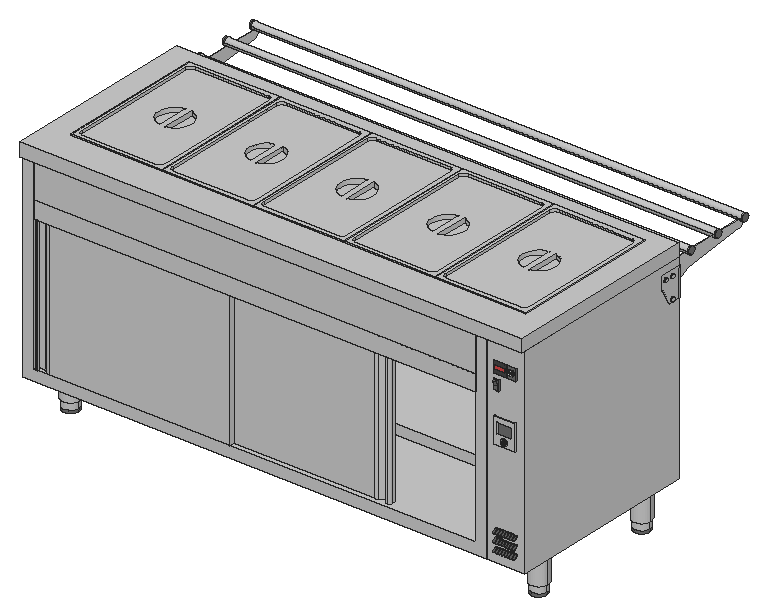
Revit family "QF_INOMAK_MHV718_250605091903", category Specialty Equipment, Revit 2021
Family settings
  Round Connector Dimension = Use Diameter
  Part Type = Normal
  OmniClass Number = 23.40.40.14
  OmniClass Title = Food Service Equipment
  Work Plane-Based = No
  Always vertical = Yes
  Cut with Voids When Loaded = No
  Shared = No
  Room Calculation Point = No
Parameters (values of type "MHV718")
  Weight [instance] = 77.00 kg
  Waste Water Discharge Temperature [instance] = 0 °C
  Waste Remarks [instance] = ""
  Warranty Start Date [instance] = ""
  Warranty Duration [instance] = ""
  Volts [instance] = 400 V
  Volt Free Conn [instance] = no
  URL Recommended Spares List [instance] = ""
  URL Manufacturer [instance] = ""
  URL Cutsheet [instance] = ""
  URL Critical Spares List [instance] = ""
  URL = "www.inomak.com"
  Technical Documentation [instance] = ""
  Tag Number [instance] = ""
  Status [instance] = ""
  Start Up Current [instance] = 0 A
  Specification by User [instance] = ""
  Specification by Manufacturer [instance] = ""
  Sound Level [instance] = ""
  Show Logo [instance] = yes
  Show Clearances [instance] = yes
  Service Life Duration [instance] = ""
  Serial Number [instance] = ""
  Seismic Rating [instance] = ""
  SMACNA No [instance] = ""
  Revision Code [instance] = ""
  Revision [instance] = ""
  Production Year [instance] = ""
  Potential Equalisation [instance] = no
  Point Load [instance] = 0
  Plumbing Remarks [instance] = ""
  Plumbing Connection Type [instance] = ""
  Phase [instance] = 3
  Other Equipment Approvals [instance] = ""
  Operational Current [instance] = 0 A
  Odor Trap Included [instance] = no
  Number of Poles [instance] = 3
  No Load Power Draw [instance] = no
  National Water Regulation Certification [instance] = no
  NAFEM Spec ID Number [instance] = ""
  Model Warning [instance] = ""
  Model = "MHV718"
  Min Ckt Ampacity [instance] = 0 A
  Max Overcurrent Protection [instance] = 25 A
  Masterspec [instance] = ""
  Manufacturer = "INOMAK"
  Main switch integrated [instance] = no
  Length Actual [instance] = 1792 mm
  Item Number [instance] = ""
  Installed By [instance] = ""
  Installation Date [instance] = ""
  Indirect Waste Size [instance] = 25.4 mm
  Indirect Waste Remarks [instance] = ""
  Indirect Waste Flow [instance] = 0.0 L/s
  Indirect Waste Connection Type [instance] = ""
  Indirect Waste Connection Height [instance] = 0 mm
  Identify Quantity as Lot [instance] = no
  ID [instance] = ""
  Hygiene Approval [instance] = ""
  Height Actual [instance] = 900 mm
  HP power [instance] = ""
  Furnished By [instance] = ""
  Foodservice Equipment Identifier [instance] = no
  FL Amps [instance] = 19.4 A
  Electrical Remarks [instance] = ""
  Electric power [instance] = 4440 W
  Electric Connection Type [instance] = ""
  Elec Conn RI Height [instance] = 0 mm
  Elec Conn Connection Height [instance] = 0 mm
  ETL Approved [instance] = no
  Direct Waste Water Discharge Temperature [instance] = -273.15 °C
  Direct Waste Size [instance] = 25.4 mm
  Direct Waste RI Height [instance] = 0 mm
  Direct Waste Flow [instance] = 0.0 L/s
  Direct Waste Connection Height [instance] = 0 mm
  Description = "BAIN MARIE ON HEATED CUPBOARD WITH 4 GN PANS CAPACITY"
  Depth Actual [instance] = 700 mm
  Default Elevation = 0 mm
  Cycle [instance] = 50 Hz
  Cost = 0
  Connection to energy optimisation system [instance] = yes
  Conn Plug [instance] = ""
  Conn Conduit [instance] = no
  Cold Water Temperature Recommended [instance] = 0 °C
  Cold Water Size [instance] = 12.7 mm
  Cold Water Remarks [instance] = ""
  Cold Water RI Height [instance] = 0 mm
  Cold Water Quality [instance] = ""
  Cold Water Minimum Pressure [instance] = 200000.0 Pa
  Cold Water Maximum Pressure [instance] = 600000.0 Pa
  Cold Water Flow [instance] = 0.0 L/s
  Cold Water Connection Type [instance] = ""
  Cold Water Connection Height [instance] = 0 mm
  Centralized building control system with digital interface [instance] = ""
  CSI MasterFormat [instance] = ""
  CE Approved [instance] = no
  Barcode [instance] = 0
  Author [instance] = ""
  Asset Identifier [instance] = ""
  Apparent Power [instance] = 4440 VA
  Accessory [instance] = no
Reference planes
  plane 1 "Center (Front/Back)": y = 0
  plane 2: z = 0
  plane 3 "Center (Left/Right)": x = 0
Forms (mm)
  Extrusion 1, solid, not visible
    sketch origin (110.005, -510.025, 142.007) x (1, 0, 0) y (0, 1, 0)
      loop
        line (-2, 2) -> (-2, -2) -> (2, -2) -> (2, 2) -> (-2, 2)
    from -2 to 2
  Extrusion 2, solid, not visible
    sketch origin (110.005, -410.02, 142.007) x (1, 0, 0) y (0, 1, 0)
      loop
        line (-2, 2) -> (-2, -2) -> (2, -2) -> (2, 2) -> (-2, 2)
    from -2 to 2
  Extrusion 3, solid, not visible
    sketch origin (1745.085, -635.031, 142.007) x (1, 0, 0) y (0, 1, 0)
      loop
        line (-2, 2) -> (-2, -2) -> (2, -2) -> (2, 2) -> (-2, 2)
    from -2 to 2
Dimensions and locks
  locked: nested 2 to Extrusion 1 at 2  (x2)
  locked: nested 3 to Extrusion 2 at 2  (x2)
  locked: nested 4 to Extrusion 3 at 2  (x2)
  aligned and locked: level to plane 2
Nested families
  nested 1: "QF_INOMAK_CUPBOARD_BAIN_MARIES_1795_2920" at (0, 0, 140), type "MHV718"
    with Weight 77.00 kg, Warranty Start Date "", Warranty Duration "", URL Cutsheet "", Technical Documentation "", Tag Number "", Status "", Specification by User "", Specification by Manufacturer "", Sound Level "", Solid Fuel Type "", Show Logo yes, Show Clearances yes, Service Life Duration "", Serial Number "", Seismic Rating "", SMACNA No "", Revision Code "", Revision "", Production Year "", Point Load 0, Other Equipment Approvals "", NAFEM Spec ID Number "", Model Warning "", Masterspec "", Length Actual 1792 mm, Item Number "", Installed By "", Installation Date "", Identify Quantity as Lot yes, ID "", Hygiene Approval "", Height Actual 900 mm, Furnished By "", Foodservice Equipment Identifier yes, ETL Approved yes, Depth Actual 700 mm, CSI MasterFormat "", CE Approved yes, Barcode "", Author "", Asset Identifier "", Accessory no
  nested 2: "CONN_POINT_COLDWATER_2D___Generic_Annotation" at (110.005, -510.025, 140.007), type "CONN_POINT_COLDWATER_2D___Generic_Annotation"
    with Onboard connection annotation symbol visibility yes
  nested 3: "CONN_POINT_DRAIN_2D___Generic_Annotation" at (110.005, -410.02, 140.007), type "CONN_POINT_DRAIN_2D___Generic_Annotation"
    with Onboard connection annotation symbol visibility yes
  nested 4: "CONN_POINT_ELE_2D___Generic_Annotation" at (1745.085, -635.031, 140.007), type "CONN_POINT_ELE_2D___Generic_Annotation"
    with Onboard connection annotation symbol visibility yes
  nested 5: "QF_INOMAK_LEGS_5089" at (0, 0, 0), type "LG-1795-700"
    with Weight 0.00 kg, Warranty Start Date "", Warranty Duration "", URL Cutsheet "", Technical Documentation "", Tag Number "", Status "", Specification by User "", Specification by Manufacturer "", Sound Level "", Solid Fuel Type "", Show Logo yes, Show Clearances yes, Service Life Duration "", Serial Number "", Seismic Rating "", SMACNA No "", Revision Code "", Revision "", Production Year "", Point Load 0, Other Equipment Approvals "", NAFEM Spec ID Number "", Model Warning "", Masterspec "", Length Actual 1792 mm, Item Number "", Installed By "", Installation Date "", Identify Quantity as Lot yes, ID "", Hygiene Approval "", Height Actual 140 mm, Furnished By "", Foodservice Equipment Identifier yes, ETL Approved yes, Depth Actual 700 mm, CSI MasterFormat "", CE Approved yes, Barcode "", Author "", Asset Identifier "", Accessory yes
  nested 6: "QF_INOMAK_CUPBOARD_RAILS_6838" at (0, 0, 140), type "RAS178"
    with Weight 0.00 kg, Warranty Start Date "", Warranty Duration "", URL Cutsheet "", Technical Documentation "", Tag Number "", Status "", Specification by User "", Specification by Manufacturer "", Sound Level "", Solid Fuel Type "", Show Logo yes, Show Clearances yes, Service Life Duration "", Serial Number "", Seismic Rating "", SMACNA No "", Revision Code "", Revision "", Production Year "", Point Load 0, Other Equipment Approvals "", NAFEM Spec ID Number "", Model Warning "", Masterspec "", Length Actual 1762 mm, Length 1792 mm, Item Number "", Installed By "", Installation Date "", Identify Quantity as Lot yes, ID "", Hygiene Approval "", Height Actual 175 mm, Furnished By "", Foodservice Equipment Identifier yes, ETL Approved yes, Depth Actual 335 mm, CSI MasterFormat "", CE Approved yes, Barcode "", Author "", Asset Identifier "", Accessory yes
Connectors
  piping at (110.005, -510.025, 140.007), diameter 12.7, driven by "Cold Water Size", driven by "Cold Water Flow"
    settings: on Extrusion 1, index 1, connector inside diameter 609.6 mm, connector length 0 mm, flow factor 0, pipe flow 0.0 L/s, pressure drop 0.0 Pa, fitting loss kfactor 0, connector angle 0.00°, fixture units 0, engagement length 0 mm, angle of deflection 0.00°, flow configuration 1, flow direction 1, fitting loss method 0, system type 20, joint type 0, gender type 0, connector reference index -1, connector utility 0, adjustable connector no, is connector primary yes, connector description "Cold Water connection for MHV718"
  piping at (110.005, -410.02, 140.007), diameter 25.4, driven by "Indirect Waste Size", driven by "Direct Waste Flow"
    settings: on Extrusion 2, index 2, connector inside diameter 609.6 mm, connector length 0 mm, flow factor 0, pipe flow 0.0 L/s, pressure drop 0.0 Pa, fitting loss kfactor 0, connector angle 0.00°, fixture units 0, engagement length 0 mm, angle of deflection 0.00°, flow configuration 1, flow direction 2, fitting loss method 0, system type 16, joint type 0, gender type 0, connector reference index -1, connector utility 0, adjustable connector no, is connector primary no, connector description "Waste connection for MHV718"
  electrical at (1745.085, -635.031, 140.007), driven by "Apparent Power", driven by "Number of Poles", driven by "Volts"
    settings: on Extrusion 3, index 3, voltage 400 V, apparent load 0 VA, apparent load phase1 4440 VA, apparent load phase2 0 VA, apparent load phase3 0 VA, power factor 1, load classification "Other", number of poles 3, system type 31, power factor state 1, is connector primary yes, connector utility no, sub classification motor no, connector description "Electrical connection for MHV718"
Definition of nested family "QF_INOMAK_CUPBOARD_BAIN_MARIES_1795_2920"
  Parameters (values of type "MDV718")
    Weight [instance] = 0.00 kg
    Warranty Start Date [instance] = ""
    Warranty Duration [instance] = ""
    URL Cutsheet [instance] = ""
    URL = "www.inomak.com"
    Technical Documentation [instance] = ""
    Tag Number [instance] = ""
    Status [instance] = ""
    Specification by User [instance] = ""
    Specification by Manufacturer [instance] = ""
    Sound Level [instance] = ""
    Solid Fuel Type [instance] = ""
    Show Logo [instance] = yes
    Show Clearances [instance] = yes
    Service Life Duration [instance] = ""
    Serial Number [instance] = ""
    Seismic Rating [instance] = ""
    SMACNA No [instance] = ""
    Revision Code [instance] = ""
    Revision [instance] = ""
    Production Year [instance] = ""
    Point Load [instance] = 0
    Other Equipment Approvals [instance] = ""
    NAFEM Spec ID Number [instance] = ""
    Model Warning [instance] = ""
    Model = "MDV718"
    Masterspec [instance] = ""
    Manufacturer = "INOMAK"
    Length Actual [instance] = 0 mm
    Item Number [instance] = ""
    Installed By [instance] = ""
    Installation Date [instance] = ""
    Identify Quantity as Lot [instance] = yes
    ID [instance] = ""
    Hygiene Approval [instance] = ""
    Height Actual [instance] = 0 mm
    Furnished By [instance] = ""
    Foodservice Equipment Identifier [instance] = yes
    ETL Approved [instance] = yes
    Description = "BAIN MARIE ON CUPBOARD WITH 4 GN PANS CAPACITY"
    Depth Actual [instance] = 0 mm
    Default Elevation = 0 mm
    CSI MasterFormat [instance] = ""
    CE Approved [instance] = yes
    Barcode [instance] = ""
    Author [instance] = ""
    Asset Identifier [instance] = ""
    Assembly Code = "E1090320"
    Accessory [instance] = yes
  Types (10, lengths in mm): name | Model | Description
    MFV718 | "MFV718" | "BAIN MARIE ON CUPBOARD WITH 4 GN PANS CAPACITY AND SHOWCASE"
    MHV718 | "MHV718" | "BAIN MARIE ON HEATED CUPBOARD WITH 4 GN PANS CAPACITY"
    MJV718 | "MJV718" | "BAIN MARIE ON HEATED CUPBOARD WITH 4 GN PANS CAPACITY AND SINGLE SNEEZE GUARD"
    MQV718 | "MQV718" | "BAIN MARIE ON HEATED CUPBOARD WITH 4 GN PANS CAPACITY AND DOUBLE SNEEZE GUARD"
    MISQ718 | "MISQ718" | "BAIN MARIE ON HEATED CUPBOARD WITH 4 GN PANS CAPACITY AND SQUARE SHOWCASE"
    MDV718 | "MDV718" | "BAIN MARIE ON CUPBOARD WITH 4 GN PANS CAPACITY"
    MVV718 | "MVV718" | "BAIN MARIE ON CUPBOARD WITH 4 GN PANS CAPACITY AND SINGLE SNEEZE GUARD"
    MRV718 | "MRV718" | "BAIN MARIE ON CUPBOARD WITH 4 GN PANS CAPACITY AND DOUBLE SNEEZE GUARD"
    MFSQ718 | "MFSQ718" | "BAIN MARIE ON CUPBOARD WITH 4 GN PANS CAPACITY AND SQUARE SHOWCASE"
    MIV718 | "MIV718" | "BAIN MARIE ON HEATED CUPBOARD WITH 4 GN PANS CAPACITY AND SHOWCASE"
  Reference planes
    plane 1 "Back": y = 0
    plane 2: z = 0
    plane 3 "Left": x = 0
    plane 4 "Right": x = 1792
    plane 5 "Front": y = -700
    plane 6 "Top": z = 756
  Forms (mm)
    Extrusion 1, solid
      sketch origin (1168.283, -707, -123.631) x (-1, 0, 0) y (0, 0, 1)
        loop
          arc (-522.253, 235.165) -> (-526.351, 236.263) -> (-527.449, 232.165) r 3
          line (-527.449, 232.165) -> (-518.449, 216.577)
          arc (-518.449, 216.577) -> (-514.351, 215.479) -> (-513.253, 219.577) r 3
          line (-513.253, 219.577) -> (-522.253, 235.165)
        loop
          arc (-532.253, 235.165) -> (-536.351, 236.263) -> (-537.449, 232.165) r 3
          line (-537.449, 232.165) -> (-528.449, 216.577)
          arc (-528.449, 216.577) -> (-524.351, 215.479) -> (-523.253, 219.577) r 3
          line (-523.253, 219.577) -> (-532.253, 235.165)
        loop
          arc (-542.253, 235.165) -> (-546.351, 236.263) -> (-547.449, 232.165) r 3
          line (-547.449, 232.165) -> (-538.449, 216.577)
          arc (-538.449, 216.577) -> (-534.351, 215.479) -> (-533.253, 219.577) r 3
          line (-533.253, 219.577) -> (-542.253, 235.165)
        loop
          arc (-552.253, 235.165) -> (-556.351, 236.263) -> (-557.449, 232.165) r 3
          line (-557.449, 232.165) -> (-548.449, 216.577)
          arc (-548.449, 216.577) -> (-544.351, 215.479) -> (-543.253, 219.577) r 3
          line (-543.253, 219.577) -> (-552.253, 235.165)
        loop
          arc (-562.253, 235.165) -> (-566.351, 236.263) -> (-567.449, 232.165) r 3
          line (-567.449, 232.165) -> (-558.449, 216.577)
          arc (-558.449, 216.577) -> (-554.351, 215.479) -> (-553.253, 219.577) r 3
          line (-553.253, 219.577) -> (-562.253, 235.165)
        loop
          arc (-572.253, 235.165) -> (-576.351, 236.263) -> (-577.449, 232.165) r 3
          line (-577.449, 232.165) -> (-568.449, 216.577)
          arc (-568.449, 216.577) -> (-564.351, 215.479) -> (-563.253, 219.577) r 3
          line (-563.253, 219.577) -> (-572.253, 235.165)
        loop
          arc (-582.253, 235.165) -> (-586.351, 236.263) -> (-587.449, 232.165) r 3
          line (-587.449, 232.165) -> (-578.449, 216.577)
          arc (-578.449, 216.577) -> (-574.351, 215.479) -> (-573.253, 219.577) r 3
          line (-573.253, 219.577) -> (-582.253, 235.165)
        loop
          arc (-592.253, 235.165) -> (-596.351, 236.263) -> (-597.449, 232.165) r 3
          line (-597.449, 232.165) -> (-588.449, 216.577)
          arc (-588.449, 216.577) -> (-584.351, 215.479) -> (-583.253, 219.577) r 3
          line (-583.253, 219.577) -> (-592.253, 235.165)
        loop
          arc (-522.253, 205.165) -> (-526.351, 206.263) -> (-527.449, 202.165) r 3
          line (-527.449, 202.165) -> (-518.449, 186.577)
          arc (-518.449, 186.577) -> (-514.351, 185.479) -> (-513.253, 189.577) r 3
          line (-513.253, 189.577) -> (-522.253, 205.165)
        loop
          arc (-532.253, 205.165) -> (-536.351, 206.263) -> (-537.449, 202.165) r 3
          line (-537.449, 202.165) -> (-528.449, 186.577)
          arc (-528.449, 186.577) -> (-524.351, 185.479) -> (-523.253, 189.577) r 3
          line (-523.253, 189.577) -> (-532.253, 205.165)
        loop
          arc (-542.253, 205.165) -> (-546.351, 206.263) -> (-547.449, 202.165) r 3
          line (-547.449, 202.165) -> (-538.449, 186.577)
          arc (-538.449, 186.577) -> (-534.351, 185.479) -> (-533.253, 189.577) r 3
          line (-533.253, 189.577) -> (-542.253, 205.165)
        loop
          arc (-552.253, 205.165) -> (-556.351, 206.263) -> (-557.449, 202.165) r 3
          line (-557.449, 202.165) -> (-548.449, 186.577)
          arc (-548.449, 186.577) -> (-544.351, 185.479) -> (-543.253, 189.577) r 3
          line (-543.253, 189.577) -> (-552.253, 205.165)
        loop
          arc (-562.253, 205.165) -> (-566.351, 206.263) -> (-567.449, 202.165) r 3
          line (-567.449, 202.165) -> (-558.449, 186.577)
          arc (-558.449, 186.577) -> (-554.351, 185.479) -> (-553.253, 189.577) r 3
          line (-553.253, 189.577) -> (-562.253, 205.165)
        loop
          arc (-572.253, 205.165) -> (-576.351, 206.263) -> (-577.449, 202.165) r 3
          line (-577.449, 202.165) -> (-568.449, 186.577)
          arc (-568.449, 186.577) -> (-564.351, 185.479) -> (-563.253, 189.577) r 3
          line (-563.253, 189.577) -> (-572.253, 205.165)
        loop
          arc (-582.253, 205.165) -> (-586.351, 206.263) -> (-587.449, 202.165) r 3
          line (-587.449, 202.165) -> (-578.449, 186.577)
          arc (-578.449, 186.577) -> (-574.351, 185.479) -> (-573.253, 189.577) r 3
          line (-573.253, 189.577) -> (-582.253, 205.165)
        loop
          arc (-592.253, 205.165) -> (-596.351, 206.263) -> (-597.449, 202.165) r 3
          line (-597.449, 202.165) -> (-588.449, 186.577)
          arc (-588.449, 186.577) -> (-584.351, 185.479) -> (-583.253, 189.577) r 3
          line (-583.253, 189.577) -> (-592.253, 205.165)
        loop
          arc (-522.253, 175.165) -> (-526.351, 176.263) -> (-527.449, 172.165) r 3
          line (-527.449, 172.165) -> (-518.449, 156.577)
          arc (-518.449, 156.577) -> (-514.351, 155.479) -> (-513.253, 159.577) r 3
          line (-513.253, 159.577) -> (-522.253, 175.165)
        loop
          arc (-532.253, 175.165) -> (-536.351, 176.263) -> (-537.449, 172.165) r 3
          line (-537.449, 172.165) -> (-528.449, 156.577)
          arc (-528.449, 156.577) -> (-524.351, 155.479) -> (-523.253, 159.577) r 3
          line (-523.253, 159.577) -> (-532.253, 175.165)
        loop
          arc (-542.253, 175.165) -> (-546.351, 176.263) -> (-547.449, 172.165) r 3
          line (-547.449, 172.165) -> (-538.449, 156.577)
          arc (-538.449, 156.577) -> (-534.351, 155.479) -> (-533.253, 159.577) r 3
          line (-533.253, 159.577) -> (-542.253, 175.165)
        loop
          arc (-552.253, 175.165) -> (-556.351, 176.263) -> (-557.449, 172.165) r 3
          line (-557.449, 172.165) -> (-548.449, 156.577)
          arc (-548.449, 156.577) -> (-544.351, 155.479) -> (-543.253, 159.577) r 3
          line (-543.253, 159.577) -> (-552.253, 175.165)
        loop
          arc (-562.253, 175.165) -> (-566.351, 176.263) -> (-567.449, 172.165) r 3
          line (-567.449, 172.165) -> (-558.449, 156.577)
          arc (-558.449, 156.577) -> (-554.351, 155.479) -> (-553.253, 159.577) r 3
          line (-553.253, 159.577) -> (-562.253, 175.165)
        loop
          arc (-572.253, 175.165) -> (-576.351, 176.263) -> (-577.449, 172.165) r 3
          line (-577.449, 172.165) -> (-568.449, 156.577)
          arc (-568.449, 156.577) -> (-564.351, 155.479) -> (-563.253, 159.577) r 3
          line (-563.253, 159.577) -> (-572.253, 175.165)
        loop
          arc (-582.253, 175.165) -> (-586.351, 176.263) -> (-587.449, 172.165) r 3
          line (-587.449, 172.165) -> (-578.449, 156.577)
          arc (-578.449, 156.577) -> (-574.351, 155.479) -> (-573.253, 159.577) r 3
          line (-573.253, 159.577) -> (-582.253, 175.165)
        loop
          arc (-592.253, 175.165) -> (-596.351, 176.263) -> (-597.449, 172.165) r 3
          line (-597.449, 172.165) -> (-588.449, 156.577)
          arc (-588.449, 156.577) -> (-584.351, 155.479) -> (-583.253, 159.577) r 3
          line (-583.253, 159.577) -> (-592.253, 175.165)
      from 16.5 to 18.5
    Extrusion 2, solid
      sketch origin (1476.266, -692, 538.514) x (-1, 0, 0) y (0, 0, 1)
        loop
          line (-208.234, 108.408) -> (-253.234, 108.408) -> (-253.234, 68.408) -> (-208.234, 68.408) -> (-208.234, 108.408)
      from 0 to 2
    Extrusion 3, solid
      sketch origin (754.5, -693, 539.422) x (-1, 0, 0) y (0, 0, 1)
        loop
          line (-950, 15) -> (-930, 15) -> (-930, 50) -> (-950, 50) -> (-950, 15)
      from 0 to 3
    Extrusion 4, solid
      sketch origin (782.5, -568, 539.422) x (0, 1, 0) y (0, 0, 1)
        loop
          line (-125, 18) -> (-125, 47)
          arc (-125, 47) -> (-127.961, 46.812) -> (-130.754, 45.81) r 10.576
          line (-130.754, 45.81) -> (-128, 32.5) -> (-128, 18) -> (-125, 18)
      from 905 to 919
    Extrusion 5, solid
      sketch origin (1521.266, -692, 538.514) x (-1, 0, 0) y (0, 0, 1)
        loop
          line (-208.234, 108.408) -> (-243.234, 108.408) -> (-243.234, 68.408) -> (-208.234, 68.408) -> (-208.234, 108.408)
      from 0 to 2
    Extrusion 6, solid
      sketch origin (1476.266, -692.5, 538.514) x (-1, 0, 0) y (0, 0, 1)
        loop
          line (-213.234, 94.908) -> (-248.234, 94.908) -> (-248.234, 81.908) -> (-213.234, 81.908) -> (-213.234, 94.908)
      from 0 to 2.5
    Extrusion 7, solid
      sketch origin (1476.266, -692.5, 538.514) x (-1, 0, 0) y (0, 0, 1)
        loop
          line (-271.558, 91.171) -> (-275.802, 98.522) -> (-280.047, 91.171) -> (-271.558, 91.171)
        loop
          line (-271.558, 85.645) -> (-280.047, 85.645) -> (-275.802, 78.294) -> (-271.558, 85.645)
        loop
          line (-257.397, 85.645) -> (-267.397, 85.645) -> (-267.397, 78.294) -> (-257.397, 78.294) -> (-257.397, 85.645)
        loop
          line (-265.397, 98.522) -> (-267.397, 98.522) -> (-267.397, 92.322) -> (-259.549, 92.322) -> (-259.549, 91.171) -> (-257.397, 93.322) -> (-259.549, 95.474) -> (-259.549, 94.322) -> (-265.397, 94.322) -> (-265.397, 98.522)
      from 0 to 2.5
    Extrusion 8, solid
      sketch origin (28.5, 0, 488) x (1, 0, 0) y (0, 1, 0)
        loop
          line (55, -50) -> (55, -580) -> (380, -580) -> (380, -50) -> (55, -50)
        loop
          arc (87.5, -65) -> (73.358, -70.858) -> (67.5, -85) r 20
          line (67.5, -85) -> (67.5, -545.415)
          arc (67.5, -545.415) -> (73.358, -559.557) -> (87.5, -565.415) r 20
          line (87.5, -565.415) -> (347.5, -565.415)
          arc (347.5, -565.415) -> (361.642, -559.557) -> (367.5, -545.415) r 20
          line (367.5, -545.415) -> (367.5, -85)
          arc (367.5, -85) -> (361.642, -70.858) -> (347.5, -65) r 20
          line (347.5, -65) -> (87.5, -65)
      from 222 to 270
    Extrusion 9, solid
      sketch origin (28.5, 0, 481) x (1, 0, 0) y (0, 1, 0)
        loop
          arc (67.5, -545.415) -> (73.358, -559.557) -> (87.5, -565.415) r 20
          line (87.5, -565.415) -> (347.5, -565.415)
          arc (347.5, -565.415) -> (361.642, -559.557) -> (367.5, -545.415) r 20
          line (367.5, -545.415) -> (367.5, -85)
          arc (367.5, -85) -> (361.642, -70.858) -> (347.5, -65) r 20
          line (347.5, -65) -> (87.5, -65)
          arc (87.5, -65) -> (73.358, -70.858) -> (67.5, -85) r 20
          line (67.5, -85) -> (67.5, -545.415)
      from 229 to 270
    Extrusion 10, void
      sketch origin (28.5, 0, 496) x (1, 0, 0) y (0, 1, 0)
        loop
          arc (207.5, -256.046) -> (157.5, -315.207) -> (207.5, -374.368) r 60
          line (207.5, -374.368) -> (207.5, -256.046)
        loop
          line (227.5, -256.046) -> (227.5, -374.368)
          arc (227.5, -374.368) -> (277.5, -315.207) -> (227.5, -256.046) r 60
      from 240 to 270
    Extrusion 11, solid
      sketch origin (353.5, 0, 488) x (1, 0, 0) y (0, 1, 0)
        loop
          line (55, -50) -> (55, -580) -> (380, -580) -> (380, -50) -> (55, -50)
        loop
          arc (87.5, -65) -> (73.358, -70.858) -> (67.5, -85) r 20
          line (67.5, -85) -> (67.5, -545.415)
          arc (67.5, -545.415) -> (73.358, -559.557) -> (87.5, -565.415) r 20
          line (87.5, -565.415) -> (347.5, -565.415)
          arc (347.5, -565.415) -> (361.642, -559.557) -> (367.5, -545.415) r 20
          line (367.5, -545.415) -> (367.5, -85)
          arc (367.5, -85) -> (361.642, -70.858) -> (347.5, -65) r 20
          line (347.5, -65) -> (87.5, -65)
      from 222 to 270
    Extrusion 12, solid
      sketch origin (353.5, 0, 481) x (1, 0, 0) y (0, 1, 0)
        loop
          arc (67.5, -545.415) -> (73.358, -559.557) -> (87.5, -565.415) r 20
          line (87.5, -565.415) -> (347.5, -565.415)
          arc (347.5, -565.415) -> (361.642, -559.557) -> (367.5, -545.415) r 20
          line (367.5, -545.415) -> (367.5, -85)
          arc (367.5, -85) -> (361.642, -70.858) -> (347.5, -65) r 20
          line (347.5, -65) -> (87.5, -65)
          arc (87.5, -65) -> (73.358, -70.858) -> (67.5, -85) r 20
          line (67.5, -85) -> (67.5, -545.415)
      from 229 to 270
    Extrusion 13, void
      sketch origin (353.5, 0, 496) x (1, 0, 0) y (0, 1, 0)
        loop
          arc (207.5, -256.046) -> (157.5, -315.207) -> (207.5, -374.368) r 60
          line (207.5, -374.368) -> (207.5, -256.046)
        loop
          line (227.5, -256.046) -> (227.5, -374.368)
          arc (227.5, -374.368) -> (277.5, -315.207) -> (227.5, -256.046) r 60
      from 240 to 270
    Extrusion 14, solid
      sketch origin (1003.5, 0, 488) x (1, 0, 0) y (0, 1, 0)
        loop
          line (55, -50) -> (55, -580) -> (380, -580) -> (380, -50) -> (55, -50)
        loop
          arc (87.5, -65) -> (73.358, -70.858) -> (67.5, -85) r 20
          line (67.5, -85) -> (67.5, -545.415)
          arc (67.5, -545.415) -> (73.358, -559.557) -> (87.5, -565.415) r 20
          line (87.5, -565.415) -> (347.5, -565.415)
          arc (347.5, -565.415) -> (361.642, -559.557) -> (367.5, -545.415) r 20
          line (367.5, -545.415) -> (367.5, -85)
          arc (367.5, -85) -> (361.642, -70.858) -> (347.5, -65) r 20
          line (347.5, -65) -> (87.5, -65)
      from 222 to 270
    Extrusion 15, solid
      sketch origin (1003.5, 0, 481) x (1, 0, 0) y (0, 1, 0)
        loop
          arc (67.5, -545.415) -> (73.358, -559.557) -> (87.5, -565.415) r 20
          line (87.5, -565.415) -> (347.5, -565.415)
          arc (347.5, -565.415) -> (361.642, -559.557) -> (367.5, -545.415) r 20
          line (367.5, -545.415) -> (367.5, -85)
          arc (367.5, -85) -> (361.642, -70.858) -> (347.5, -65) r 20
          line (347.5, -65) -> (87.5, -65)
          arc (87.5, -65) -> (73.358, -70.858) -> (67.5, -85) r 20
          line (67.5, -85) -> (67.5, -545.415)
      from 229 to 270
    Extrusion 16, void
      sketch origin (1003.5, 0, 496) x (1, 0, 0) y (0, 1, 0)
        loop
          arc (207.5, -256.046) -> (157.5, -315.207) -> (207.5, -374.368) r 60
          line (207.5, -374.368) -> (207.5, -256.046)
        loop
          line (227.5, -256.046) -> (227.5, -374.368)
          arc (227.5, -374.368) -> (277.5, -315.207) -> (227.5, -256.046) r 60
      from 240 to 270
    Extrusion 17, solid
      sketch origin (0, 0, 706) x (1, 0, 0) y (0, 1, 0)
        loop
          line (0, 0) -> (0, -700) -> (1792, -700) -> (1792, 0) -> (0, 0)
        loop
          line (83.5, -50) -> (83.5, -580) -> (1708.5, -580) -> (1708.5, -50) -> (83.5, -50)
      from 4 to 50
    Extrusion 18, solid
      sketch origin (0, 0, 0) x (1, 0, 0) y (0, 1, 0)
        loop
          line (0, -690) -> (40, -690) -> (40, -40) -> (1617, -40) -> (1617, -690) -> (1657, -690) -> (1657, 0) -> (0, 0) -> (0, -690)
      from 0 to 710
    Extrusion 19, solid
      sketch origin (687, 0, 0) x (1, 0, 0) y (0, 1, 0)
        loop
          line (970, 0) -> (970, -690) -> (1105, -690) -> (1105, 0) -> (970, 0)
      from 0 to 710
    Extrusion 20, solid
      sketch origin (-130, -690, 0) x (-1, 0, 0) y (0, 1, 0)
        loop
          line (-170, 10) -> (-170, 20) -> (-868.5, 20) -> (-868.5, 0) -> (-226.156, 0)
          arc (-226.156, 0) -> (-220.272, 0.885) -> (-214.91, 3.461) r 20
          line (-214.91, 3.461) -> (-195, 17) -> (-173, 17) -> (-173, 10)
          arc (-173, 10) -> (-175.05, 5.05) -> (-180, 3) r 7
          line (-180, 3) -> (-185.012, 3) -> (-185.012, 0) -> (-180, 0)
          arc (-180, 0) -> (-172.929, 2.929) -> (-170, 10) r 10
      from -40 to -520
    Extrusion 21, solid
      sketch origin (367, -690, 0) x (-1, 0, 0) y (0, 1, 0)
        loop
          arc (-930, 30) -> (-927.071, 22.929) -> (-920, 20) r 10
          line (-920, 20) -> (-914.988, 20) -> (-914.988, 23) -> (-920, 23)
          arc (-920, 23) -> (-924.95, 25.05) -> (-927, 30) r 7
          line (-927, 30) -> (-927, 37) -> (-905, 37) -> (-885.09, 23.461)
          arc (-885.09, 23.461) -> (-879.728, 20.885) -> (-873.844, 20) r 20
          line (-873.844, 20) -> (-231.5, 20) -> (-231.5, 40) -> (-930, 40) -> (-930, 30)
      from -40 to -520
    Extrusion 22, solid
      sketch origin (0, 0, 0) x (1, 0, 0) y (0, 1, 0)
        loop
          line (40, -40) -> (40, -690) -> (1620, -690) -> (1620, -40) -> (40, -40)
      from 0 to 40
    Extrusion 23, solid
      sketch origin (0.5, 0, 672.314) x (1, 0, 0) y (0, 1, 0)
        loop
          line (39.5, -40) -> (39.5, -690) -> (1616.5, -690) -> (1616.5, -40) -> (39.5, -40)
      from -92.314 to 37.686
    Extrusion 24, solid
      sketch origin (-1.5, 0, 610.314) x (1, 0, 0) y (0, 1, 0)
        loop
          line (41.5, -40) -> (41.5, -690) -> (1618.5, -690) -> (1618.5, -40) -> (41.5, -40)
      from -90.314 to -30.314
    Extrusion 25, solid
      sketch origin (-1.5, 0, 252.5) x (1, 0, 0) y (0, 1, 0)
        loop
          line (41.5, -40) -> (41.5, -645) -> (1618.5, -645) -> (1618.5, -40) -> (41.5, -40)
      from 0 to 35
    Extrusion 26, solid
      sketch origin (694.002, -695, 50) x (-1, 0, 0) y (0, 0, 1)
        loop
          line (-992.998, 421.076) -> (-1067.998, 421.076) -> (-1067.998, 331.076) -> (-992.998, 331.076) -> (-992.998, 421.076)
        loop
          line (-1003.957, 406.276) -> (-1058.957, 406.276) -> (-1058.957, 366.276) -> (-1003.957, 366.276) -> (-1003.957, 406.276)
      from 0 to 5
    Extrusion 27, solid
      sketch origin (694.002, -692, 50) x (-1, 0, 0) y (0, 0, 1)
        loop
          line (-1003.957, 406.276) -> (-1058.957, 406.276) -> (-1058.957, 366.276) -> (-1003.957, 366.276) -> (-1003.957, 406.276)
      from 0 to 2
    Revolve 28, solid
      sketch origin (1724.5, 59.612, -3292.415) x (0, 1, 0) y (0, 0, 1)
        loop
          line (-757.012, 3691.152) -> (-754.612, 3691.152) -> (-754.612, 3701.789) -> (-757.662, 3701.789) -> (-759.012, 3699.998) -> (-757.012, 3699.998) -> (-757.012, 3691.152)
        axis (-754.612, 3691.152) -> (-759.012, 3691.152)
      angle from 0 to 360
    Extrusion 29, solid
      sketch origin (-367.127, -695, 2689.585) x (-1, 0, 0) y (0, 0, 1)
        loop
          line (-2090.827, -2287.348) -> (-2092.827, -2287.348) -> (-2092.827, -2294.348) -> (-2090.827, -2294.348) -> (-2090.827, -2287.348)
        loop
          circle (-2091.627, -2290.848) r 7.846
      from -4.4 to -2.4
    Extrusion 30, solid
      sketch origin (678.5, 0, 488) x (1, 0, 0) y (0, 1, 0)
        loop
          line (55, -50) -> (55, -580) -> (380, -580) -> (380, -50) -> (55, -50)
        loop
          arc (87.5, -65) -> (73.358, -70.858) -> (67.5, -85) r 20
          line (67.5, -85) -> (67.5, -545.415)
          arc (67.5, -545.415) -> (73.358, -559.557) -> (87.5, -565.415) r 20
          line (87.5, -565.415) -> (347.5, -565.415)
          arc (347.5, -565.415) -> (361.642, -559.557) -> (367.5, -545.415) r 20
          line (367.5, -545.415) -> (367.5, -85)
          arc (367.5, -85) -> (361.642, -70.858) -> (347.5, -65) r 20
          line (347.5, -65) -> (87.5, -65)
      from 222 to 270
    Extrusion 31, solid
      sketch origin (678.5, 0, 481) x (1, 0, 0) y (0, 1, 0)
        loop
          arc (67.5, -545.415) -> (73.358, -559.557) -> (87.5, -565.415) r 20
          line (87.5, -565.415) -> (347.5, -565.415)
          arc (347.5, -565.415) -> (361.642, -559.557) -> (367.5, -545.415) r 20
          line (367.5, -545.415) -> (367.5, -85)
          arc (367.5, -85) -> (361.642, -70.858) -> (347.5, -65) r 20
          line (347.5, -65) -> (87.5, -65)
          arc (87.5, -65) -> (73.358, -70.858) -> (67.5, -85) r 20
          line (67.5, -85) -> (67.5, -545.415)
      from 229 to 270
    Extrusion 32, void
      sketch origin (678.5, 0, 496) x (1, 0, 0) y (0, 1, 0)
        loop
          arc (207.5, -256.046) -> (157.5, -315.207) -> (207.5, -374.368) r 60
          line (207.5, -374.368) -> (207.5, -256.046)
        loop
          line (227.5, -256.046) -> (227.5, -374.368)
          arc (227.5, -374.368) -> (277.5, -315.207) -> (227.5, -256.046) r 60
      from 240 to 270
    Extrusion 33, solid
      sketch origin (1328.5, 0, 488) x (1, 0, 0) y (0, 1, 0)
        loop
          line (55, -50) -> (55, -580) -> (380, -580) -> (380, -50) -> (55, -50)
        loop
          arc (87.5, -65) -> (73.358, -70.858) -> (67.5, -85) r 20
          line (67.5, -85) -> (67.5, -545.415)
          arc (67.5, -545.415) -> (73.358, -559.557) -> (87.5, -565.415) r 20
          line (87.5, -565.415) -> (347.5, -565.415)
          arc (347.5, -565.415) -> (361.642, -559.557) -> (367.5, -545.415) r 20
          line (367.5, -545.415) -> (367.5, -85)
          arc (367.5, -85) -> (361.642, -70.858) -> (347.5, -65) r 20
          line (347.5, -65) -> (87.5, -65)
      from 222 to 270
    Extrusion 34, solid
      sketch origin (1328.5, 0, 481) x (1, 0, 0) y (0, 1, 0)
        loop
          arc (67.5, -545.415) -> (73.358, -559.557) -> (87.5, -565.415) r 20
          line (87.5, -565.415) -> (347.5, -565.415)
          arc (347.5, -565.415) -> (361.642, -559.557) -> (367.5, -545.415) r 20
          line (367.5, -545.415) -> (367.5, -85)
          arc (367.5, -85) -> (361.642, -70.858) -> (347.5, -65) r 20
          line (347.5, -65) -> (87.5, -65)
          arc (87.5, -65) -> (73.358, -70.858) -> (67.5, -85) r 20
          line (67.5, -85) -> (67.5, -545.415)
      from 229 to 270
    Extrusion 35, void
      sketch origin (1328.5, 0, 496) x (1, 0, 0) y (0, 1, 0)
        loop
          arc (207.5, -256.046) -> (157.5, -315.207) -> (207.5, -374.368) r 60
          line (207.5, -374.368) -> (207.5, -256.046)
        loop
          line (227.5, -256.046) -> (227.5, -374.368)
          arc (227.5, -374.368) -> (277.5, -315.207) -> (227.5, -256.046) r 60
      from 240 to 270
  Cuts and joins
    Extrusion 10, Extrusion 13 cuts Extrusion 9
    Extrusion 13, Extrusion 16, Extrusion 32 cuts Extrusion 12
    Extrusion 16, Extrusion 35 cuts Extrusion 15
    joined: Extrusion 18, Extrusion 22
    Extrusion 32 cuts Extrusion 31
    Extrusion 35 cuts Extrusion 34
  Lines and regions (mm)
    symbolic lines
      curve 1: line (0, 0, 0) -> (1792, 0, 0)
      curve 2: line (0, -700, 0) -> (0, 0, 0)
      curve 3: line (1792, -700, 0) -> (0, -700, 0)
      curve 4: line (1792, 0, 0) -> (1792, -700, 0)
      curve 5: line (83.5, -50, 0) -> (1708.5, -50, 0)
      curve 6: line (83.5, -580, 0) -> (83.5, -50, 0)
      curve 7: line (1708.5, -580, 0) -> (83.5, -580, 0)
      curve 8: line (733.5, -50, 0) -> (733.5, -580, 0)
      curve 9: line (408.5, -50, 0) -> (408.5, -580, 0)
      curve 10: line (1708.5, -50, 0) -> (1708.5, -580, 0)
      curve 11: line (1058.5, -50, 0) -> (1058.5, -580, 0)
      curve 12: line (1383.5, -50, 0) -> (1383.5, -580, 0)
      curve 13: line (116, -65, 0) -> (376, -65, 0)
      curve 14: arc (376, -65, 0) -> (390.142, -70.858, 0) -> (396, -85, 0) r 20
      curve 15: line (396, -85, 0) -> (396, -545.415, 0)
      curve 16: arc (396, -545.415, 0) -> (390.142, -559.557, 0) -> (376, -565.415, 0) r 20
      curve 17: line (376, -565.415, 0) -> (116, -565.415, 0)
      curve 18: arc (116, -565.415, 0) -> (101.858, -559.557, 0) -> (96, -545.415, 0) r 20
      curve 19: line (96, -545.415, 0) -> (96, -85, 0)
      curve 20: arc (96, -85, 0) -> (101.858, -70.858, 0) -> (116, -65, 0) r 20
      curve 21: arc (236, -256.046, 0) -> (186, -315.207, 0) -> (236, -374.368, 0) r 60
      curve 22: line (236, -374.368, 0) -> (236, -256.046, 0)
      curve 23: line (256, -256.046, 0) -> (256, -374.368, 0)
      curve 24: arc (256, -374.368, 0) -> (306, -315.207, 0) -> (256, -256.046, 0) r 60
      curve 25: line (441, -65, 0) -> (701, -65, 0)
      curve 26: arc (701, -65, 0) -> (715.142, -70.858, 0) -> (721, -85, 0) r 20
      curve 27: line (721, -85, 0) -> (721, -545.415, 0)
      curve 28: arc (721, -545.415, 0) -> (715.142, -559.557, 0) -> (701, -565.415, 0) r 20
      curve 29: line (701, -565.415, 0) -> (441, -565.415, 0)
      curve 30: arc (441, -565.415, 0) -> (426.858, -559.557, 0) -> (421, -545.415, 0) r 20
      curve 31: line (421, -545.415, 0) -> (421, -85, 0)
      curve 32: arc (421, -85, 0) -> (426.858, -70.858, 0) -> (441, -65, 0) r 20
      curve 33: arc (561, -256.046, 0) -> (511, -315.207, 0) -> (561, -374.368, 0) r 60
      curve 34: line (561, -374.368, 0) -> (561, -256.046, 0)
      curve 35: line (581, -256.046, 0) -> (581, -374.368, 0)
      curve 36: arc (581, -374.368, 0) -> (631, -315.207, 0) -> (581, -256.046, 0) r 60
      curve 37: line (766, -65, 0) -> (1026, -65, 0)
      curve 38: arc (1026, -65, 0) -> (1040.142, -70.858, 0) -> (1046, -85, 0) r 20
      curve 39: line (1046, -85, 0) -> (1046, -545.415, 0)
      curve 40: arc (1046, -545.415, 0) -> (1040.142, -559.557, 0) -> (1026, -565.415, 0) r 20
      curve 41: line (1026, -565.415, 0) -> (766, -565.415, 0)
      curve 42: arc (766, -565.415, 0) -> (751.858, -559.557, 0) -> (746, -545.415, 0) r 20
      curve 43: line (746, -545.415, 0) -> (746, -85, 0)
      curve 44: arc (746, -85, 0) -> (751.858, -70.858, 0) -> (766, -65, 0) r 20
      curve 45: arc (886, -256.046, 0) -> (836, -315.207, 0) -> (886, -374.368, 0) r 60
      curve 46: line (886, -374.368, 0) -> (886, -256.046, 0)
      curve 47: line (906, -256.046, 0) -> (906, -374.368, 0)
      curve 48: arc (906, -374.368, 0) -> (956, -315.207, 0) -> (906, -256.046, 0) r 60
      curve 49: line (1091, -65, 0) -> (1351, -65, 0)
      curve 50: arc (1351, -65, 0) -> (1365.142, -70.858, 0) -> (1371, -85, 0) r 20
      curve 51: line (1371, -85, 0) -> (1371, -545.415, 0)
      curve 52: arc (1371, -545.415, 0) -> (1365.142, -559.557, 0) -> (1351, -565.415, 0) r 20
      curve 53: line (1351, -565.415, 0) -> (1091, -565.415, 0)
      curve 54: arc (1091, -565.415, 0) -> (1076.858, -559.557, 0) -> (1071, -545.415, 0) r 20
      curve 55: line (1071, -545.415, 0) -> (1071, -85, 0)
      curve 56: arc (1071, -85, 0) -> (1076.858, -70.858, 0) -> (1091, -65, 0) r 20
      curve 57: arc (1211, -256.046, 0) -> (1161, -315.207, 0) -> (1211, -374.368, 0) r 60
      curve 58: line (1211, -374.368, 0) -> (1211, -256.046, 0)
      curve 59: line (1231, -256.046, 0) -> (1231, -374.368, 0)
      curve 60: arc (1231, -374.368, 0) -> (1281, -315.207, 0) -> (1231, -256.046, 0) r 60
      curve 61: line (1416, -65, 0) -> (1676, -65, 0)
      curve 62: arc (1676, -65, 0) -> (1690.142, -70.858, 0) -> (1696, -85, 0) r 20
      curve 63: line (1696, -85, 0) -> (1696, -545.415, 0)
      curve 64: arc (1696, -545.415, 0) -> (1690.142, -559.557, 0) -> (1676, -565.415, 0) r 20
      curve 65: line (1676, -565.415, 0) -> (1416, -565.415, 0)
      curve 66: arc (1416, -565.415, 0) -> (1401.858, -559.557, 0) -> (1396, -545.415, 0) r 20
      curve 67: line (1396, -545.415, 0) -> (1396, -85, 0)
      curve 68: arc (1396, -85, 0) -> (1401.858, -70.858, 0) -> (1416, -65, 0) r 20
      curve 69: arc (1536, -256.046, 0) -> (1486, -315.207, 0) -> (1536, -374.368, 0) r 60
      curve 70: line (1536, -374.368, 0) -> (1536, -256.046, 0)
      curve 71: line (1556, -256.046, 0) -> (1556, -374.368, 0)
      curve 72: arc (1556, -374.368, 0) -> (1606, -315.207, 0) -> (1556, -256.046, 0) r 60
  Dimensions and locks
    plane 3 "Left" to plane 4 "Right" = 1792 mm
    plane 5 "Front" to plane 1 "Back" = 700 mm
    plane 6 "Top" to plane 2 = 756 mm
    aligned and locked: level to plane 2
Definition of nested family "QF_INOMAK_LEGS_5089"
  Parameters (values of type "LG-1545-700-BC")
    Weight [instance] = 0.00 kg
    Warranty Start Date [instance] = ""
    Warranty Duration [instance] = ""
    URL Cutsheet [instance] = ""
    URL = "www.inomak.com"
    Technical Documentation [instance] = ""
    Tag Number [instance] = ""
    Status [instance] = ""
    Specification by User [instance] = ""
    Specification by Manufacturer [instance] = ""
    Sound Level [instance] = ""
    Solid Fuel Type [instance] = ""
    Show Logo [instance] = yes
    Show Clearances [instance] = yes
    Service Life Duration [instance] = ""
    Serial Number [instance] = ""
    Seismic Rating [instance] = ""
    SMACNA No [instance] = ""
    Right offset = 300 mm
    Revision Code [instance] = ""
    Revision [instance] = ""
    Rear offset = 90 mm
    Production Year [instance] = ""
    Point Load [instance] = 0
    Other Equipment Approvals [instance] = ""
    NAFEM Spec ID Number [instance] = ""
    Model Warning [instance] = ""
    Model = "LG"
    Masterspec [instance] = ""
    Manufacturer = "INOMAK"
    Length Actual [instance] = 0 mm
    Length = 1546 mm
    Left offset = 100 mm
    Item Number [instance] = ""
    Installed By [instance] = ""
    Installation Date [instance] = ""
    Identify Quantity as Lot [instance] = yes
    ID [instance] = ""
    Hygiene Approval [instance] = ""
    Height Actual [instance] = 0 mm
    Height = 115 mm
    Furnished By [instance] = ""
    Front offset = 150 mm
    Foodservice Equipment Identifier [instance] = yes
    ETL Approved [instance] = yes
    Description = "STANDARD LEGS"
    Depth Actual [instance] = 0 mm
    Depth = 700 mm
    Default Elevation = 0 mm
    CentralLegs = if(Length > 1900 mm, 2 > 1, 2 < 1)  # no
    CSI MasterFormat [instance] = ""
    CE Approved [instance] = yes
    Barcode [instance] = ""
    Author [instance] = ""
    Asset Identifier [instance] = ""
    Assembly Code = "E1090320"
    Accessory [instance] = yes
  Types (14, lengths in mm): name | Right offset | Rear offset | Length | Left offset | Height | Front offset | Depth | CentralLegs
    LG-720-830 | 100 | 60 | 720 | 100 | 115 | 160 | 830 | no
    LG-1440-830 | 100 | 60 | 1440 | 100 | 115 | 160 | 830 | no
    LG-720-730 | 100 | 60 | 720 | 100 | 115 | 160 | 730 | no
    LG-1440-730 | 100 | 60 | 1440 | 100 | 115 | 160 | 730 | no
    LG-1105-700 | 60 | 90 | 1103 | 60 | 144 | 150 | 700 | no
    LG-1545-700 | 300 | 90 | 1546 | 100 | 144 | 150 | 700 | no
    LG-1995-700 | 300 | 90 | 1996 | 100 | 144 | 150 | 700 | yes
    LG-1545-700-BC | 300 | 90 | 1546 | 100 | 115 | 150 | 700 | no
    LG-1995-700-BC | 300 | 90 | 1996 | 100 | 115 | 150 | 700 | yes
    LG-1410-700 | 60 | 90 | 1406 | 60 | 144 | 150 | 700 | no
    LG-1795-700 | 60 | 90 | 1792 | 60 | 144 | 150 | 700 | no
    LG-1105-600 | 60 | 90 | 1103 | 60 | 144 | 150 | 600 | no
    LG-1545-600 | 300 | 90 | 1546 | 100 | 144 | 150 | 600 | no
    LG-1995-600 | 300 | 90 | 1996 | 100 | 144 | 150 | 600 | yes
  Reference planes
    plane 1 "Back": y = 0
    plane 2: z = 0
    plane 3 "Left": x = 0
    plane 4 "Right": x = 1546
    plane 5 "Front": y = -700
    plane 6 "Top": z = 115
    plane 7 "Left offset": x = 100
    plane 8 "Right offset": x = 1246
    plane 9 "Rear offset": y = -90
    plane 10 "Front offset": y = -550
    plane 11: x = 673
  Dimensions and locks
    "Length": plane 3 "Left" to plane 4 "Right"
    "Depth": plane 5 "Front" to plane 1 "Back"
    "Left offset": plane 3 "Left" to plane 7 "Left offset"
    "Right offset": plane 8 "Right offset" to plane 4 "Right"
    "Rear offset": plane 9 "Rear offset" to plane 1 "Back"
    "Front offset": plane 10 "Front offset" to plane 5 "Front"
    "Height": plane 6 "Top" to level
    equal spacing: plane 7 "Left offset", plane 11, plane 8 "Right offset"
    aligned and locked: level to plane 2
    aligned and locked: nested 2 to plane 8 "Right offset"
    aligned and locked: nested 3 to plane 8 "Right offset"
    aligned and locked: nested 4 to plane 7 "Left offset"
    aligned and locked: nested 4 to plane 10 "Front offset"
    aligned and locked: nested 3 to plane 10 "Front offset"
    aligned and locked: nested 1 to plane 7 "Left offset"
    aligned and locked: nested 1 to plane 9 "Rear offset"
    aligned and locked: nested 2 to plane 9 "Rear offset"
    aligned and locked: nested 5 to plane 11
    aligned and locked: nested 5 to plane 10 "Front offset"
  Nested families
    nested 1: "QF_INOMAK_LEG" at (100, -90, 0), type "QF_INOMAK_LEG"
      with Height 115 mm
    nested 2: "QF_INOMAK_LEG" at (1246, -90, 0), type "QF_INOMAK_LEG"
      with Height 115 mm
    nested 3: "QF_INOMAK_LEG" at (1246, -550, 0), type "QF_INOMAK_LEG"
      with Height 115 mm
    nested 4: "QF_INOMAK_LEG" at (100, -550, 0), type "QF_INOMAK_LEG"
      with Height 115 mm
    nested 5: "QF_INOMAK_LEG" at (673, -550, 0), visible <- "CentralLegs", type "QF_INOMAK_LEG"
      with Height 115 mm
  Definition of nested family "QF_INOMAK_LEG"
    Parameters (values of type "QF_INOMAK_LEG")
      Height = 118 mm
      Default Elevation = 0 mm
    Reference planes
      plane 1 "Center (Front/Back)": y = 0
      plane 2: z = 0
      plane 3 "Center (Left/Right)": x = 0
      plane 4 "Top": z = 118
    Forms (mm)
      Extrusion 1, solid
        sketch origin (0, 0, 118) x (0, 1, 0) y (-1, 0, 0)
          loop
            line (50, 45) -> (-50, 45) -> (-50, -45) -> (50, -45) -> (50, 45)
        from 0 to -3
      Extrusion 2, solid
        sketch origin (-199.986, 580, 0) x (1, 0, 0) y (0, 1, 0)
          loop
            circle (199.986, -580) r 28
        from 9 to 35
      Extrusion 3, solid
        sketch origin (-199.986, 580, 0) x (1, 0, 0) y (0, 1, 0)
          loop
            circle (199.986, -580) r 28.5
        from 0 to 9
      Sweep 4, solid
        path origin (0, 0, 0) x (0, 1, 0) y (0, 0, 1)
          loop
            line (0, 115) -> (0, 35)
        profile origin (0, 0, 75) x (1, 0, 0) y (0, 1, 0)
          loop
            circle (0, 0) r 32
    Dimensions and locks
      "Height": plane 4 "Top" to plane 2
      aligned and locked: level to plane 2
    Automatic sketch dimensions
      plane 1 "Center (Front/Back)" to Extrusion 1 sketch curve = 50 mm
      Extrusion 1 sketch curve to plane 1 "Center (Front/Back)" = 50 mm
      plane 3 "Center (Left/Right)" to Extrusion 1 sketch curve = 45 mm
      Extrusion 1 sketch curve to plane 3 "Center (Left/Right)" = 45 mm
      plane 1 "Center (Front/Back)" to Extrusion 2 sketch curve = 0 mm
      Extrusion 2 sketch curve to plane 3 "Center (Left/Right)" = 0 mm
      plane 1 "Center (Front/Back)" to Extrusion 3 sketch curve = 0 mm
      Extrusion 3 sketch curve to plane 3 "Center (Left/Right)" = 0 mm
      Sweep 4 sketch curve to plane 1 "Center (Front/Back)" = 0 mm
      level to Sweep 4 sketch curve = 35 mm
      Sweep 4 sketch curve to plane 4 "Top" = 3 mm
      Sweep 4 sketch curve to plane 3 "Center (Left/Right)" = 0 mm
      profile plane to Sweep 4 sketch curve = 0 mm
      radius of Extrusion 2 sketch curve = 28 mm
      radius of Extrusion 3 sketch curve = 28.5 mm
      radius of Sweep 4 sketch curve = 32 mm
Definition of nested family "QF_INOMAK_CUPBOARD_RAILS_6838"
  Parameters (values of type "RAS108")
    Weight [instance] = 0.00 kg
    Warranty Start Date [instance] = ""
    Warranty Duration [instance] = ""
    URL Cutsheet [instance] = ""
    URL = "www.inomak.com"
    Technical Documentation [instance] = ""
    Tag Number [instance] = ""
    Status [instance] = ""
    Specification by User [instance] = ""
    Specification by Manufacturer [instance] = ""
    Sound Level [instance] = ""
    Solid Fuel Type [instance] = ""
    Show Logo [instance] = yes
    Show Clearances [instance] = yes
    Service Life Duration [instance] = ""
    Serial Number [instance] = ""
    Seismic Rating [instance] = ""
    SMACNA No [instance] = ""
    Revision Code [instance] = ""
    Revision [instance] = ""
    Production Year [instance] = ""
    Point Load [instance] = 0
    Other Equipment Approvals [instance] = ""
    NAFEM Spec ID Number [instance] = ""
    Model Warning [instance] = ""
    Model = "RAS108"
    Masterspec [instance] = ""
    Manufacturer = "INOMAK"
    Length Actual [instance] = 0 mm
    Length [instance] = 1080 mm
    Item Number [instance] = ""
    Installed By [instance] = ""
    Installation Date [instance] = ""
    Identify Quantity as Lot [instance] = yes
    ID [instance] = ""
    Hygiene Approval [instance] = ""
    Height Actual [instance] = 0 mm
    Furnished By [instance] = ""
    Foodservice Equipment Identifier [instance] = yes
    ETL Approved [instance] = yes
    Description = "RAILS BOLETUS SERIES"
    Depth Actual [instance] = 0 mm
    Default Elevation = 0 mm
    CSI MasterFormat [instance] = ""
    CE Approved [instance] = yes
    Barcode [instance] = ""
    Author [instance] = ""
    Asset Identifier [instance] = ""
    Assembly Code = "E1090320"
    Accessory [instance] = yes
  Types (6, lengths in mm): name | Model | Length | Description
    RAS140 | "RAS140" | 1406 | "RAILS FOR BAIN MARIES WITH 4XGN 1/1"
    RAS110 | "RAS110" | 1102 | "RAILS FOR BAIN MARIES WITH 3XGN 1/1"
    RAS178 | "RAS178" | 1792 | "RAILS FOR BAIN MARIES WITH 5XGN 1/1"
    RAS108 | "RAS108" | 1080 | "RAILS BOLETUS SERIES"
    RAS179 | "RAS179" | 1792 | "RAILS FOR COUNTERS WITH LENGTH 179CM"
    RAS134 | "RAS134" | 1342 | "RAILS FOR COUNTERS WITH LENGTH 134CM"
  Reference planes
    plane 1 "Back": y = 0
    plane 2: z = 0
    plane 3 "Left": x = 0
    plane 4 "Right": x = 1080
    plane 5 "Front": y = 328.5
    plane 6 "Top": z = 756
  Forms (mm)
    Sweep 1, solid
      path origin (0, 0, 0) x (1, 0, 0) y (0, 1, 0)
        loop
          line (20, 76) -> (1060, 76)
      profile origin (540, 76, 0) x (0, 1, 0) y (0, 0, 1)
        loop
          circle (0, 693) r 12.5
    Extrusion 2, solid
      sketch origin (0, 0, 0) x (0, 1, 0) y (0, 0, 1)
        loop
          circle (76, 693) r 12.5
      from 15 to 20
    Extrusion 3, solid
      sketch origin (1080, -50, 0) x (0, -1, 0) y (0, 0, 1)
        loop
          circle (-126, 693) r 12.5
      from 15 to 20
    Sweep 4, solid
      path origin (0, 120, 0) x (1, 0, 0) y (0, 1, 0)
        loop
          line (20, 76) -> (1060, 76)
      profile origin (540, 196, 0) x (0, 1, 0) y (0, 0, 1)
        loop
          circle (0, 693) r 12.5
    Extrusion 5, solid
      sketch origin (0, 120, 0) x (0, 1, 0) y (0, 0, 1)
        loop
          circle (76, 693) r 12.5
      from 15 to 20
    Extrusion 6, solid
      sketch origin (1080, 70, 0) x (0, -1, 0) y (0, 0, 1)
        loop
          circle (-126, 693) r 12.5
      from 15 to 20
    Sweep 7, solid
      path origin (0, 240, 0) x (1, 0, 0) y (0, 1, 0)
        loop
          line (20, 76) -> (1060, 76)
      profile origin (540, 316, 0) x (0, 1, 0) y (0, 0, 1)
        loop
          circle (0, 693) r 12.5
    Extrusion 8, solid
      sketch origin (0, 240, 0) x (0, 1, 0) y (0, 0, 1)
        loop
          circle (76, 693) r 12.5
      from 15 to 20
    Extrusion 9, solid
      sketch origin (1080, 190, 0) x (0, -1, 0) y (0, 0, 1)
        loop
          circle (-126, 693) r 12.5
      from 15 to 20
    Extrusion 10, solid
      sketch origin (0, 0, 0) x (0, 1, 0) y (0, 0, 1)
        loop
          line (305.644, 686) -> (206.356, 686)
          arc (206.356, 686) -> (196, 680.5) -> (185.644, 686) r 12.5
          line (185.644, 686) -> (86.356, 686)
          arc (86.356, 686) -> (76, 680.5) -> (65.644, 686) r 12.5
          line (65.644, 686) -> (6, 686) -> (6, 582)
          arc (6, 582) -> (48.49, 618.653) -> (101.95, 635.708) r 140.202
          line (101.95, 635.708) -> (306.107, 657.705)
          arc (306.107, 657.705) -> (315.66, 662.597) -> (319.5, 672.619) r 15
          line (319.5, 672.619) -> (319.5, 681)
          arc (319.5, 681) -> (311.757, 681.242) -> (305.644, 686) r 12.5
      from 30 to 33
    Extrusion 11, solid
      sketch origin (-14.743, 6.2, 756) x (0, 1, 0) y (-1, 0, 0)
        loop
          line (-3.2, -41.743) -> (-3.2, -17.743)
          arc (-3.2, -17.743) -> (-4.957, -13.501) -> (-9.2, -11.743) r 6
          line (-9.2, -11.743) -> (-9.2, -14.743)
          arc (-9.2, -14.743) -> (-7.079, -15.622) -> (-6.2, -17.743) r 3
          line (-6.2, -17.743) -> (-6.2, -41.743)
          arc (-6.2, -41.743) -> (-4.443, -45.986) -> (-0.2, -47.743) r 6
          line (-0.2, -47.743) -> (-0.2, -44.743)
          arc (-0.2, -44.743) -> (-2.321, -43.865) -> (-3.2, -41.743) r 3
      from -174 to -70
    Extrusion 12, solid
      sketch origin (0, 0, 0) x (0, 1, 0) y (0, 0, 1)
        loop
          arc (-71.2, 686) -> (-78.271, 683.071) -> (-81.2, 676) r 10
          line (-81.2, 676) -> (-81.2, 645.301)
          arc (-81.2, 645.301) -> (-80.859, 642.713) -> (-79.86, 640.301) r 10
          line (-79.86, 640.301) -> (-49.087, 587)
          arc (-49.087, 587) -> (-45.426, 583.34) -> (-40.426, 582) r 10
          line (-40.426, 582) -> (-3, 582) -> (-3, 686) -> (-71.2, 686)
      from 0 to -3
    Extrusion 13, solid
      sketch origin (0, 0, 0) x (0, 1, 0) y (0, 0, 1)
        loop
          circle (-36.2, 668) r 7
      from -2 to -4
    Extrusion 14, solid
      sketch origin (0, 0, 0) x (0, 1, 0) y (0, 0, 1)
        loop
          line (-36.2, 674) -> (-41.396, 671) -> (-41.396, 665) -> (-36.2, 662) -> (-31.004, 665) -> (-31.004, 671) -> (-36.2, 674)
      from -9 to -4
    Extrusion 15, solid
      sketch origin (0, -30, 0) x (0, 1, 0) y (0, 0, 1)
        loop
          circle (-36.2, 668) r 7
      from -2 to -4
    Extrusion 16, solid
      sketch origin (0, -30, 0) x (0, 1, 0) y (0, 0, 1)
        loop
          line (-36.2, 674) -> (-41.396, 671) -> (-41.396, 665) -> (-36.2, 662) -> (-31.004, 665) -> (-31.004, 671) -> (-36.2, 674)
      from -9 to -4
    Extrusion 17, solid
      sketch origin (0, 0, -74) x (0, 1, 0) y (0, 0, 1)
        loop
          circle (-36.2, 668) r 7
      from -2 to -4
    Extrusion 18, solid
      sketch origin (0, 0, -74) x (0, 1, 0) y (0, 0, 1)
        loop
          line (-36.2, 674) -> (-41.396, 671) -> (-41.396, 665) -> (-36.2, 662) -> (-31.004, 665) -> (-31.004, 671) -> (-36.2, 674)
      from -9 to -4
    Extrusion 19, solid
      sketch origin (1080, 0, 0) x (0, -1, 0) y (0, 0, 1)
        loop
          arc (-305.644, 686) -> (-311.757, 681.242) -> (-319.5, 681) r 12.5
          line (-319.5, 681) -> (-319.5, 672.619)
          arc (-319.5, 672.619) -> (-315.66, 662.597) -> (-306.107, 657.705) r 15
          line (-306.107, 657.705) -> (-101.95, 635.708)
          arc (-101.95, 635.708) -> (-48.49, 618.653) -> (-6, 582) r 140.202
          line (-6, 582) -> (-6, 686) -> (-65.644, 686)
          arc (-65.644, 686) -> (-76, 680.5) -> (-86.356, 686) r 12.5
          line (-86.356, 686) -> (-185.644, 686)
          arc (-185.644, 686) -> (-196, 680.5) -> (-206.356, 686) r 12.5
          line (-206.356, 686) -> (-305.644, 686)
      from 30 to 33
    Extrusion 20, solid
      sketch origin (1420.743, 6.2, 756) x (0, 1, 0) y (-1, 0, 0)
        loop
          arc (-3.2, 367.743) -> (-2.321, 369.865) -> (-0.2, 370.743) r 3
          line (-0.2, 370.743) -> (-0.2, 373.743)
          arc (-0.2, 373.743) -> (-4.443, 371.986) -> (-6.2, 367.743) r 6
          line (-6.2, 367.743) -> (-6.2, 343.743)
          arc (-6.2, 343.743) -> (-7.079, 341.622) -> (-9.2, 340.743) r 3
          line (-9.2, 340.743) -> (-9.2, 337.743)
          arc (-9.2, 337.743) -> (-4.957, 339.501) -> (-3.2, 343.743) r 6
          line (-3.2, 343.743) -> (-3.2, 367.743)
      from -174 to -70
    Extrusion 21, solid
      sketch origin (1080, 0, 0) x (0, -1, 0) y (0, 0, 1)
        loop
          line (71.2, 686) -> (3, 686) -> (3, 582) -> (40.426, 582)
          arc (40.426, 582) -> (45.426, 583.34) -> (49.087, 587) r 10
          line (49.087, 587) -> (79.86, 640.301)
          arc (79.86, 640.301) -> (80.859, 642.713) -> (81.2, 645.301) r 10
          line (81.2, 645.301) -> (81.2, 676)
          arc (81.2, 676) -> (78.271, 683.071) -> (71.2, 686) r 10
      from 0 to -3
    Extrusion 22, solid
      sketch origin (1080, 0, 0) x (0, -1, 0) y (0, 0, 1)
        loop
          circle (36.2, 668) r 7
      from -2 to -4
    Extrusion 23, solid
      sketch origin (1080, 0, 0) x (0, -1, 0) y (0, 0, 1)
        loop
          line (36.2, 674) -> (31.004, 671) -> (31.004, 665) -> (36.2, 662) -> (41.396, 665) -> (41.396, 671) -> (36.2, 674)
      from -9 to -4
    Extrusion 24, solid
      sketch origin (1080, 0, 0) x (0, -1, 0) y (0, 0, 1)
        loop
          circle (66.2, 668) r 7
      from -2 to -4
    Extrusion 25, solid
      sketch origin (1080, 0, 0) x (0, -1, 0) y (0, 0, 1)
        loop
          line (66.2, 674) -> (61.004, 671) -> (61.004, 665) -> (66.2, 662) -> (71.396, 665) -> (71.396, 671) -> (66.2, 674)
      from -9 to -4
    Extrusion 26, solid
      sketch origin (1080, 0, 0) x (0, -1, 0) y (0, 0, 1)
        loop
          circle (36.2, 594) r 7
      from -2 to -4
    Extrusion 27, solid
      sketch origin (1080, 0, 0) x (0, -1, 0) y (0, 0, 1)
        loop
          line (36.2, 600) -> (31.004, 597) -> (31.004, 591) -> (36.2, 588) -> (41.396, 591) -> (41.396, 597) -> (36.2, 600)
      from -9 to -4
  Lines and regions (mm)
    symbolic lines
      curve 1: line (15, 88.5, 756) -> (1065, 88.5, 756)
      curve 2: line (15, 63.5, 756) -> (15, 88.5, 756)
      curve 3: line (1065, 63.5, 756) -> (15, 63.5, 756)
      curve 4: line (1065, 88.5, 756) -> (1065, 63.5, 756)
      curve 5: line (15, 208.5, 756) -> (1065, 208.5, 756)
      curve 6: line (15, 183.5, 756) -> (15, 208.5, 756)
      curve 7: line (1065, 183.5, 756) -> (15, 183.5, 756)
      curve 8: line (1065, 208.5, 756) -> (1065, 183.5, 756)
      curve 9: line (15, 328.5, 756) -> (1065, 328.5, 756)
      curve 10: line (15, 303.5, 756) -> (15, 328.5, 756)
      curve 11: line (1065, 303.5, 756) -> (15, 303.5, 756)
      curve 12: line (1065, 328.5, 756) -> (1065, 303.5, 756)
      curve 13: line (30, 303.5, 756) -> (30, 208.5, 756)
      curve 14: line (33, 303.5, 756) -> (33, 208.5, 756)
      curve 15: line (30, 183.5, 756) -> (30, 88.5, 756)
      curve 16: line (33, 183.5, 756) -> (33, 88.5, 756)
      curve 17: line (30, 63.5, 756) -> (30, 0, 756)
